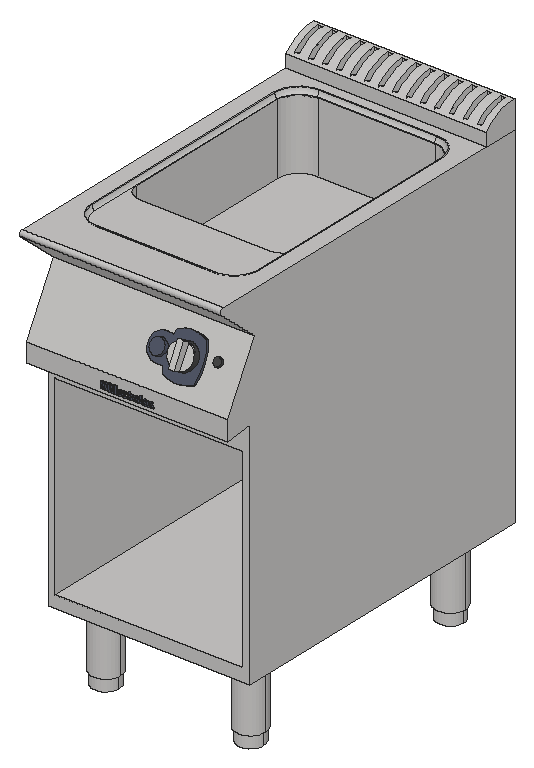
Revit family "QF_ELECTROLUXPROFESSIONAL_371105_E7MFGDDD00", category Specialty Equipment, Revit 2018
Family settings
  Round Connector Dimension = Use Diameter
  Part Type = Normal
  Work Plane-Based = No
  Always vertical = Yes
  Cut with Voids When Loaded = No
  Shared = No
  Room Calculation Point = No
Parameters
  Width = 400 mm  # constant formula
  Weight in Pounds = 99  # constant formula
  Watts = 0 W
  Waste Water Discharge Temperature [instance] = -459.67 °F
  URL Cutsheet = "www.electrolux.com/foodservice"
  URL = "www.electrolux.com/foodservice"
  Type Mark [instance] = ""
  Status [instance] = ""
  Specification by User [instance] = ""
  Specification by Manufacturer = ""
  Show Logo [instance] = yes
  Show Clearance [instance] = yes
  Serial Number = ""
  Seismic Rating = ""
  SMACNA No = ""
  Revision Code [instance] = ""
  Plumbing Remarks [instance] = ""
  Plumbing Connection Type [instance] = ""
  Omniclass Number and Title = ""
  NAFEM Spec ID Number = ""
  Model = "371105"
  Mechanical Remarks [instance] = ""
  Mechanical Connection Type [instance] = ""
  Masterspec = ""
  Manufacturer = "ELECTROLUX"
  Item Number [instance] = ""
  Installed By [instance] = ""
  Indirect Waste Size = 0"
  Indirect Waste Flow [instance] = 0 GPM
  Indirect Waste Connection Type [instance] = ""
  Indirect Waste Connection Height = 0 mm
  Identify Quantity as Lot [instance] = yes
  Height = 333 mm  # constant formula
  HP = "0 HP"
  Gas Size = 12.7 mm  # 1/2"
  Gas RI Height [instance] = 0 mm
  Gas KW [instance] = 7  # constant formula
  Gas Input [instance] = 6993.55 VA  # 23863.0 Btu/h
  Gas Connection Height = 0 mm
  Furnished By [instance] = ""
  Foodservice Equipment Identifier [instance] = yes
  Direct Waste Size = 0"
  Description = "700XP Gas Multifunctional Cooker 11 Lt. - with Compound Bottom"
  Depth = 730 mm  # constant formula
  CSI MasterFormat = ""
  CSI Master Format = ""
  Base Height [instance] = 150 mm  # constant formula
Reference planes
  plane 1 "BACK": y = 0
  plane 2: z = 0
  plane 3 "LEFT": x = 0
  plane 4 "RIGHT": x = 400
  plane 5 "FRONT": y = -730
  plane 6 "TOP": z = 905.238
  plane 7 "Center Y": x = 200
  plane 8 "Center X": y = -365
  plane 9 "BASE": z = 601
  plane 10 "TOP A": z = 851
  plane 11: y = -587.387
  plane 12: y = -90
  plane 13: z = 150
Forms (mm)
  Extrusion 1, solid, material "QF_Finishes_Stainless Steel"
    sketch origin (0, 0, 0) x (0, 1, 0) y (0, 0, 1)
      loop
        line (0, 851) -> (-725.027, 851)
        arc (-725.027, 851) -> (-730.893, 847.08) -> (-729.517, 840.16) r 6.35
        line (-729.517, 840.16) -> (-646.919, 767.809) -> (-713.522, 646.19) -> (-713.522, 608.09) -> (-660.15, 613.7) -> (-660.15, 150) -> (0, 150) -> (0, 851)
    from 0 to 400
  Extrusion 2, void
    sketch origin (0, 0, 851) x (-1, 0, 0) y (0, -1, 0)
      loop
        arc (-83.338, 90.124) -> (-47.982, 104.769) -> (-33.338, 140.124) r 50
        line (-33.338, 140.124) -> (-33.338, 595.265)
        arc (-33.338, 595.265) -> (-47.982, 630.62) -> (-83.338, 645.265) r 50
        line (-83.338, 645.265) -> (-316.662, 645.265)
        arc (-316.662, 645.265) -> (-352.018, 630.62) -> (-366.662, 595.265) r 50
        line (-366.662, 595.265) -> (-366.662, 140.124)
        arc (-366.662, 140.124) -> (-352.018, 104.769) -> (-316.662, 90.124) r 50
        line (-316.662, 90.124) -> (-83.338, 90.124)
    from 0 to -152.4
  Extrusion 3, solid, material "QF_Finishes_Clearance", visible <- "Show Clearance", detail levels coarse
    sketch origin (0, 0, 0) x (1, 0, 0) y (0, 1, 0)
      loop
        line (0, -731.377) -> (0, 0) -> (400, 0) -> (400, -731.377) -> (550.019, -731.377) -> (550.019, 150.019) -> (-150.019, 150.019) -> (-150.019, -731.377) -> (0, -731.377)
    from 0 to 905.237
  Revolve 4, solid, material "QF_Finishes_Stainless Steel"
    sketch origin (0, -587.387, 608.09) x (0, 0, 1) y (-1, 0, 0)
      loop
        line (-608.09, -56) -> (-458.09, -56) -> (-458.09, -26) -> (-583.09, -26) -> (-583.09, -29.75) -> (-608.09, -29.75) -> (-608.09, -56)
      axis (-608.09, -56) -> (-458.09, -56)
    angle from 0 to 360
  Revolve 5, solid, material "QF_Finishes_Stainless Steel"
    sketch origin (400.05, -587.387, 608.09) x (0, 0, 1) y (-1, 0, 0)
      loop
        line (-608.09, 56.05) -> (-608.09, 29.8) -> (-583.09, 29.8) -> (-583.09, 26.05) -> (-458.09, 26.05) -> (-458.09, 56.05) -> (-608.09, 56.05)
      axis (-608.09, 56.05) -> (-458.09, 56.05)
    angle from 0 to 360
  Revolve 6, solid, material "QF_Finishes_Stainless Steel"
    sketch origin (0, -90, 608.09) x (0, 0, 1) y (-1, 0, 0)
      loop
        line (-608.09, -56) -> (-458.09, -56) -> (-458.09, -26) -> (-583.09, -26) -> (-583.09, -29.75) -> (-608.09, -29.75) -> (-608.09, -56)
      axis (-608.09, -56) -> (-458.09, -56)
    angle from 0 to 360
  Revolve 7, solid, material "QF_Finishes_Stainless Steel"
    sketch origin (400.05, -90, 608.09) x (0, 0, 1) y (-1, 0, 0)
      loop
        line (-608.09, 56.05) -> (-608.09, 29.8) -> (-583.09, 29.8) -> (-583.09, 26.05) -> (-458.09, 26.05) -> (-458.09, 56.05) -> (-608.09, 56.05)
      axis (-608.09, 56.05) -> (-458.09, 56.05)
    angle from 0 to 360
  Extrusion 8, solid, material "QF_Finishes_Stainless Steel"
    sketch origin (-77.88, -4572, 601) x (-1, 0, 0) y (0, -1, 0)
      loop
        circle (-211.88, -4016) r 12.7
    from 0 to -12.7
  Extrusion 9, solid, material "QF_Finishes_Stainless Steel"
    sketch origin (-77.88, -4572, 851) x (-1, 0, 0) y (0, -1, 0)
      loop
        line (-111.217, -4431.876) -> (-111.217, -3976.735)
        arc (-111.217, -3976.735) -> (-125.862, -3941.38) -> (-161.217, -3926.735) r 50
        line (-161.217, -3926.735) -> (-394.542, -3926.735)
        arc (-394.542, -3926.735) -> (-429.897, -3941.38) -> (-444.542, -3976.735) r 50
        line (-444.542, -3976.735) -> (-444.542, -4431.876)
        arc (-444.542, -4431.876) -> (-429.897, -4467.231) -> (-394.542, -4481.876) r 50
        line (-394.542, -4481.876) -> (-161.217, -4481.876)
        arc (-161.217, -4481.876) -> (-125.862, -4467.231) -> (-111.217, -4431.876) r 50
      loop
        arc (-439.487, -4431.876) -> (-426.323, -4463.657) -> (-394.542, -4476.821) r 44.945
        line (-394.542, -4476.821) -> (-161.217, -4476.821)
        arc (-161.217, -4476.821) -> (-129.436, -4463.657) -> (-116.272, -4431.876) r 44.945
        line (-116.272, -4431.876) -> (-116.272, -4081.735)
        arc (-116.272, -4081.735) -> (-125.059, -4060.522) -> (-146.272, -4051.735) r 30
        line (-146.272, -4051.735) -> (-409.487, -4051.735)
        arc (-409.487, -4051.735) -> (-430.7, -4060.522) -> (-439.487, -4081.735) r 30
        line (-439.487, -4081.735) -> (-439.487, -4431.876)
    from -12.7 to -152.4
  Sweep 10, solid, material "QF_Finishes_Stainless Steel"
    path origin (0, 0, 851) x (-1, 0, 0) y (0, -1, 0)
      loop
        line (-33.338, 140.124) -> (-33.338, 595.265)
        arc (-33.338, 595.265) -> (-47.982, 630.62) -> (-83.338, 645.265) r 50
        line (-83.338, 645.265) -> (-316.662, 645.265)
        arc (-316.662, 645.265) -> (-352.018, 630.62) -> (-366.662, 595.265) r 50
        line (-366.662, 595.265) -> (-366.662, 140.124)
        arc (-366.662, 140.124) -> (-352.018, 104.769) -> (-316.662, 90.124) r 50
        line (-316.662, 90.124) -> (-83.338, 90.124)
        arc (-83.338, 90.124) -> (-47.982, 104.769) -> (-33.338, 140.124) r 50
    profile origin (33.338, -367.694, 851) x (1, 0, 0) y (0, 0, 1)
      loop
        line (0, 0) -> (0, -10.84) -> (5.055, -10.84)
        arc (5.055, -10.84) -> (1.326, -5.98) -> (0, 0) r 14.151
  Extrusion 11, solid, material "QF_Finishes_Stainless Steel"
    sketch origin (0, 0, 0.762) x (0, 1, 0) y (0, 0, 1)
      loop
        line (0, 850.238) -> (0, 905.237)
        arc (0, 905.237) -> (-38.078, 897.879) -> (-69.85, 875.637) r 93.057
        line (-69.85, 875.637) -> (-69.85, 850.238) -> (0, 850.238)
    from 0 to 400.05
  Extrusion 12, void
    sketch origin (0, 0, 851) x (-1, 0, 0) y (0, -1, 0)
      loop
        line (-13.453, 6.761) -> (-13.453, 63.911) -> (-22.749, 63.911) -> (-22.749, 6.761) -> (-13.453, 6.761)
    from 25.4 to 63.5
  Extrusion 13, void
    sketch origin (400.05, 0, 851) x (1, 0, 0) y (0, 1, 0)
      loop
        line (-13.503, -6.761) -> (-22.799, -6.761) -> (-22.799, -63.911) -> (-13.503, -63.911) -> (-13.503, -6.761)
    from 25.4 to 63.5
  Extrusion 14, void
    sketch origin (27.988, 0, 851) x (-1, 0, 0) y (0, -1, 0)
      loop
        line (-13.453, 6.761) -> (-13.453, 63.911) -> (-22.749, 63.911) -> (-22.749, 6.761) -> (-13.453, 6.761)
    from 25.4 to 63.5
  Extrusion 15, void
    sketch origin (55.977, 0, 851) x (-1, 0, 0) y (0, -1, 0)
      loop
        line (-13.453, 6.761) -> (-13.453, 63.911) -> (-22.749, 63.911) -> (-22.749, 6.761) -> (-13.453, 6.761)
    from 25.4 to 63.5
  Extrusion 16, void
    sketch origin (83.965, 0, 851) x (-1, 0, 0) y (0, -1, 0)
      loop
        line (-13.428, 6.761) -> (-13.428, 63.911) -> (-22.724, 63.911) -> (-22.724, 6.761) -> (-13.428, 6.761)
    from 25.4 to 63.5
  Extrusion 17, void
    sketch origin (111.953, 0, 851) x (-1, 0, 0) y (0, -1, 0)
      loop
        line (-13.428, 6.761) -> (-13.428, 63.911) -> (-22.724, 63.911) -> (-22.724, 6.761) -> (-13.428, 6.761)
    from 25.4 to 63.5
  Extrusion 18, void
    sketch origin (139.942, 0, 851) x (-1, 0, 0) y (0, -1, 0)
      loop
        line (-13.428, 6.761) -> (-13.428, 63.911) -> (-22.724, 63.911) -> (-22.724, 6.761) -> (-13.428, 6.761)
    from 25.4 to 63.5
  Extrusion 19, void
    sketch origin (167.93, 0, 851) x (-1, 0, 0) y (0, -1, 0)
      loop
        line (-13.428, 6.761) -> (-13.428, 63.911) -> (-22.724, 63.911) -> (-22.724, 6.761) -> (-13.428, 6.761)
    from 25.4 to 63.5
  Extrusion 20, void
    sketch origin (195.918, 0, 851) x (-1, 0, 0) y (0, -1, 0)
      loop
        line (-13.428, 6.761) -> (-13.428, 63.911) -> (-22.724, 63.911) -> (-22.724, 6.761) -> (-13.428, 6.761)
    from 25.4 to 63.5
  Extrusion 21, void
    sketch origin (223.907, 0, 851) x (-1, 0, 0) y (0, -1, 0)
      loop
        line (-13.428, 6.761) -> (-13.428, 63.911) -> (-22.724, 63.911) -> (-22.724, 6.761) -> (-13.428, 6.761)
    from 25.4 to 63.5
  Extrusion 22, void
    sketch origin (251.895, 0, 851) x (-1, 0, 0) y (0, -1, 0)
      loop
        line (-13.428, 6.761) -> (-13.428, 63.911) -> (-22.724, 63.911) -> (-22.724, 6.761) -> (-13.428, 6.761)
    from 25.4 to 63.5
  Extrusion 23, void
    sketch origin (279.884, 0, 851) x (-1, 0, 0) y (0, -1, 0)
      loop
        line (-13.403, 6.761) -> (-13.403, 63.911) -> (-22.699, 63.911) -> (-22.699, 6.761) -> (-13.403, 6.761)
    from 25.4 to 63.5
  Extrusion 24, void
    sketch origin (307.872, 0, 851) x (-1, 0, 0) y (0, -1, 0)
      loop
        line (-13.403, 6.761) -> (-13.403, 63.911) -> (-22.699, 63.911) -> (-22.699, 6.761) -> (-13.403, 6.761)
    from 25.4 to 63.5
  Extrusion 25, void
    sketch origin (335.86, 0, 851) x (-1, 0, 0) y (0, -1, 0)
      loop
        line (-13.403, 6.761) -> (-13.403, 63.911) -> (-22.699, 63.911) -> (-22.699, 6.761) -> (-13.403, 6.761)
    from 25.4 to 63.5
  Extrusion 26, void
    sketch origin (0, -660.15, 150) x (0, 0, -1) y (-1, 0, 0)
      loop
        line (-25.4, -387.3) -> (-25.4, -12.7) -> (-412.9, -12.7) -> (-412.9, -387.3) -> (-25.4, -387.3)
    from 0 to 570.276
  Extrusion 27, solid, material "QF_Finishes_Black"
    sketch origin (257.175, -728.984, 618.69) x (0, 0.484042, 0.875045) y (-1, 0, 0)
      loop
        circle (110.564, -93.816) r 8
    from 0 to 3.175
  Extrusion 28, solid, material "QF_Finishes_Stainless Steel"
    sketch origin (-77.88, -4572, 150) x (-1, 0, 0) y (0, -1, 0)
      loop
        circle (-426.88, -4067) r 6.35
    from 0 to -12.7
  Sweep 29, solid, material "QF_Finishes_Stainless Steel"
    path origin (0, -660.15, 150) x (0, 0, 1) y (-1, 0, 0)
      loop
        line (25.4, -349) -> (60, -349) -> (156.126, -376.564) -> (412.9, -376.564)
    profile origin (349, -660.15, 192.7) x (-1, 0, 0) y (0, -1, 0)
      loop
        circle (0, -155.4) r 8
  Extrusion 30, solid, material "QF_Finishes_Navy Blue"
    sketch origin (129.675, -713.772, 646.19) x (0, 0.484042, 0.875045) y (-1, 0, 0)
      loop
        arc (105.947, -132.642) -> (100.966, -130.434) -> (95.863, -128.526) r 91.844
        line (95.863, -128.526) -> (95.863, -113.238)
        arc (95.863, -113.238) -> (69.246, -86.621) -> (42.629, -113.238) r 26.617
        line (42.629, -113.238) -> (42.629, -126.715)
        arc (42.629, -126.715) -> (36.919, -128.436) -> (31.333, -130.523) r 91.844
        arc (31.333, -130.523) -> (24.206, -161.165) -> (31.333, -191.808) r 69.441
        arc (31.333, -191.808) -> (68.854, -198.519) -> (105.947, -189.74) r 93.759
        arc (105.947, -189.74) -> (112.176, -161.191) -> (105.947, -132.642) r 68.543
    from 0 to 3.175
  Extrusion 31, solid, material "QF_Finishes_Stainless Steel"
    sketch origin (129.675, -716.55, 647.727) x (0, 0.484042, 0.875045) y (-1, 0, 0)
      loop
        circle (68.826, -160.963) r 25.4
    from 0 to 12.7
  Extrusion 32, solid, material "QF_Finishes_Stainless Steel"
    sketch origin (129.675, -727.663, 653.875) x (0, 0.484042, 0.875045) y (-1, 0, 0)
      loop
        arc (93.558, -166.749) -> (94.226, -160.963) -> (93.558, -155.177) r 25.4
        line (93.558, -155.177) -> (44.094, -155.177)
        arc (44.094, -155.177) -> (43.426, -160.963) -> (44.094, -166.749) r 25.4
        line (44.094, -166.749) -> (93.558, -166.749)
    from 0 to 12.7
  Extrusion 33, solid, material "QF_Finishes_Navy Blue"
    sketch origin (84.675, -716.55, 647.727) x (0, 0.484042, 0.875045) y (-1, 0, 0)
      loop
        circle (68.826, -154.713) r 15
    from 0 to 6.4
  Extrusion 34, solid, material "QF_Finishes_Navy Blue", visible <- "Show Logo"
    sketch origin (-140, -713.772, 608.09) x (0, 0, 1) y (-1, 0, 0)
      loop
        line (20.674, -296.698) -> (8.307, -296.698)
        arc (8.307, -296.698) -> (14.491, -301.27) -> (20.674, -296.698) r 6.467
      loop
        arc (20.674, -296.069) -> (19.505, -290.926) -> (14.849, -288.448) r 6.338
        line (14.849, -288.448) -> (14.849, -290.494)
        arc (14.849, -290.494) -> (16.333, -294.149) -> (19.778, -296.069) r 5.941
        line (19.778, -296.069) -> (20.674, -296.069)
      loop
        arc (9.203, -296.069) -> (12.648, -294.149) -> (14.132, -290.494) r 5.941
        line (14.132, -290.494) -> (14.132, -288.448)
        arc (14.132, -288.448) -> (9.438, -290.922) -> (8.148, -296.069) r 6.504
        line (8.148, -296.069) -> (9.203, -296.069)
      loop
        line (21.349, -287.979) -> (7.604, -287.979) -> (7.604, -301.742) -> (21.349, -301.742) -> (21.349, -287.979)
      loop
        arc (21.432, -304.71) -> (21.085, -304.352) -> (20.718, -304.69) r 0.358
        arc (20.718, -304.69) -> (20.404, -305.44) -> (19.687, -305.825) r 1.216
        line (19.687, -305.825) -> (9.274, -305.825)
        arc (9.274, -305.825) -> (8.614, -305.548) -> (8.218, -304.951) r 1.238
        arc (8.218, -304.951) -> (7.823, -304.7) -> (7.518, -305.054) r 0.358
        line (7.518, -305.054) -> (7.518, -314.933) -> (10.269, -314.933) -> (10.269, -314.036)
        arc (10.269, -314.036) -> (9.36, -313.456) -> (8.904, -312.479) r 1.928
        line (8.904, -312.479) -> (8.904, -309.98)
        arc (8.904, -309.98) -> (9.18, -309.251) -> (9.868, -308.887) r 1.101
        line (9.868, -308.887) -> (13.955, -308.887) -> (13.955, -312.561)
        arc (13.955, -312.561) -> (13.602, -313.058) -> (13.037, -313.286) r 1.083
        arc (13.037, -313.286) -> (12.773, -313.591) -> (13.065, -313.869) r 0.292
        line (13.065, -313.869) -> (16.028, -313.869)
        arc (16.028, -313.869) -> (16.33, -313.596) -> (16.092, -313.266) r 0.305
        arc (16.092, -313.266) -> (15.601, -313.018) -> (15.296, -312.561) r 1.083
        line (15.296, -312.561) -> (15.296, -308.887) -> (19.973, -308.887) -> (19.973, -312.635)
        arc (19.973, -312.635) -> (19.759, -313.39) -> (19.153, -313.888) r 1.314
        arc (19.153, -313.888) -> (18.934, -314.292) -> (19.288, -314.585) r 0.361
        line (19.288, -314.585) -> (21.432, -314.585) -> (21.432, -304.71)
      loop
        arc (20.715, -315.365) -> (20.335, -316.284) -> (19.416, -316.664) r 1.299
        line (19.416, -316.664) -> (9.837, -316.664)
        arc (9.837, -316.664) -> (8.999, -316.286) -> (8.728, -315.408) r 1.118
        line (8.728, -315.408) -> (7.518, -315.408) -> (7.518, -320.758) -> (8.706, -320.758)
        arc (8.706, -320.758) -> (8.978, -319.841) -> (9.848, -319.445) r 1.153
        line (9.848, -319.445) -> (21.92, -319.445) -> (20.715, -315.365)
      loop
        line (12.483, -323.394) -> (12.483, -329.842) -> (13.282, -329.842)
        arc (13.282, -329.842) -> (15.862, -328.857) -> (17.131, -326.404) r 3.874
        line (17.131, -326.404) -> (17.131, -324.643)
        arc (17.131, -324.643) -> (15.944, -321.778) -> (13.08, -320.592) r 4.051
        line (13.08, -320.592) -> (11.072, -320.592)
        arc (11.072, -320.592) -> (8.253, -322.077) -> (7.202, -325.084) r 4.352
        arc (7.202, -325.084) -> (7.566, -327.547) -> (8.943, -329.621) r 5.713
        line (8.943, -329.621) -> (9.892, -329.621)
        arc (9.892, -329.621) -> (9.16, -328.052) -> (8.943, -326.334) r 5.579
        arc (8.943, -326.334) -> (9.737, -324.371) -> (11.616, -323.394) r 3.057
        line (11.616, -323.394) -> (12.483, -323.394)
      loop
        line (13.742, -323.394) -> (13.742, -326.977)
        arc (13.742, -326.977) -> (15.199, -327.024) -> (16.082, -325.864) r 1.59
        line (16.082, -325.864) -> (16.082, -325.034)
        arc (16.082, -325.034) -> (15.217, -323.779) -> (13.742, -323.394) r 2.184
      loop
        arc (16.533, -339.259) -> (17.022, -337.585) -> (17.179, -335.848) r 9.023
        line (17.179, -335.848) -> (17.179, -334.486)
        arc (17.179, -334.486) -> (16.02, -331.686) -> (13.22, -330.527) r 3.959
        line (13.22, -330.527) -> (10.62, -330.527)
        arc (10.62, -330.527) -> (8.338, -331.819) -> (7.221, -334.192) r 4.331
        line (7.221, -334.192) -> (7.221, -336.327)
        arc (7.221, -336.327) -> (7.729, -337.877) -> (8.651, -339.223) r 5.772
        arc (8.651, -339.223) -> (9.412, -339.274) -> (9.499, -338.515) r 0.553
        arc (9.499, -338.515) -> (9.111, -337.781) -> (8.977, -336.962) r 2.573
        line (8.977, -336.962) -> (8.977, -335.447)
        arc (8.977, -335.447) -> (9.983, -333.806) -> (11.798, -333.163) r 2.884
        line (11.798, -333.163) -> (13.077, -333.163)
        arc (13.077, -333.163) -> (14.898, -333.723) -> (15.824, -335.388) r 2.554
        line (15.824, -335.388) -> (15.824, -336.441)
        arc (15.824, -336.441) -> (15.493, -337.369) -> (14.836, -338.104) r 2.564
        arc (14.836, -338.104) -> (14.614, -338.821) -> (15.223, -339.259) r 0.643
        line (15.223, -339.259) -> (16.533, -339.259)
      loop
        line (15.515, -339.53) -> (15.515, -341.031) -> (9.467, -341.031)
        arc (9.467, -341.031) -> (7.879, -341.688) -> (7.221, -343.276) r 2.246
        line (7.221, -343.276) -> (7.221, -344.86)
        arc (7.221, -344.86) -> (7.535, -345.725) -> (8.035, -346.496) r 4.06
        arc (8.035, -346.496) -> (8.768, -346.629) -> (9.019, -345.928) r 0.576
        arc (9.019, -345.928) -> (8.913, -345.403) -> (8.977, -344.87) r 1.69
        arc (8.977, -344.87) -> (9.519, -344.082) -> (10.425, -343.779) r 1.506
        line (10.425, -343.779) -> (15.563, -343.779) -> (15.563, -346.176) -> (16.119, -346.733) -> (16.941, -346.733) -> (16.941, -343.873) -> (20.172, -343.873) -> (15.515, -339.53)
      loop
        line (7.438, -347.63) -> (7.438, -353.017) -> (8.548, -353.017)
        arc (8.548, -353.017) -> (8.942, -352.066) -> (9.893, -351.672) r 1.345
        line (9.893, -351.672) -> (13.509, -351.672)
        arc (13.509, -351.672) -> (14.274, -352.264) -> (14.564, -353.186) r 1.615
        line (14.564, -353.186) -> (14.564, -354.742) -> (17.119, -355.427) -> (17.119, -354.044) -> (15.177, -351.485) -> (17.057, -351.485) -> (16.773, -348.779)
        arc (16.773, -348.779) -> (16.333, -348.249) -> (15.674, -348.45) r 0.621
        arc (15.674, -348.45) -> (15.274, -348.792) -> (14.78, -348.975) r 1.501
        line (14.78, -348.975) -> (9.893, -348.975)
        arc (9.893, -348.975) -> (8.942, -348.581) -> (8.548, -347.63) r 1.345
        line (8.548, -347.63) -> (7.438, -347.63)
      loop
        line (13.54, -354.964) -> (10.848, -354.964)
        arc (10.848, -354.964) -> (8.403, -356.272) -> (7.269, -358.803) r 4.288
        arc (7.269, -358.803) -> (7.205, -360.183) -> (7.269, -361.563) r 15.022
        arc (7.269, -361.563) -> (8.403, -364.094) -> (10.848, -365.401) r 4.288
        line (10.848, -365.401) -> (13.54, -365.401)
        arc (13.54, -365.401) -> (15.986, -364.094) -> (17.119, -361.563) r 4.288
        arc (17.119, -361.563) -> (17.183, -360.183) -> (17.119, -358.803) r 15.022
        arc (17.119, -358.803) -> (15.986, -356.272) -> (13.54, -354.964) r 4.288
      loop
        line (13.745, -358.078) -> (10.643, -358.078)
        arc (10.643, -358.078) -> (8.486, -360.235) -> (10.643, -362.392) r 2.157
        line (10.643, -362.392) -> (13.745, -362.392)
        arc (13.745, -362.392) -> (15.902, -360.235) -> (13.745, -358.078) r 2.157
      loop
        arc (20.726, -365.26) -> (20.355, -366.154) -> (19.461, -366.524) r 1.264
        line (19.461, -366.524) -> (9.597, -366.524)
        arc (9.597, -366.524) -> (8.727, -366.127) -> (8.455, -365.211) r 1.153
        line (8.455, -365.211) -> (7.518, -365.211) -> (7.518, -370.319) -> (8.446, -370.319)
        arc (8.446, -370.319) -> (8.805, -369.547) -> (9.597, -369.232) r 1.153
        line (9.597, -369.232) -> (21.92, -369.232) -> (20.726, -365.26)
      loop
        arc (15.846, -369.857) -> (15.647, -370.921) -> (14.678, -371.403) r 1.215
        line (14.678, -371.403) -> (9.658, -371.403)
        arc (9.658, -371.403) -> (8.043, -372.051) -> (7.322, -373.634) r 2.338
        line (7.322, -373.634) -> (7.322, -375.148)
        arc (7.322, -375.148) -> (7.497, -376.152) -> (7.999, -377.038) r 2.979
        line (7.999, -377.038) -> (7.518, -378.835) -> (7.518, -380.524) -> (16.943, -380.524) -> (16.649, -376.32) -> (15.863, -376.32)
        arc (15.863, -376.32) -> (15.507, -377.156) -> (14.755, -377.665) r 1.605
        line (14.755, -377.665) -> (9.652, -377.665)
        arc (9.652, -377.665) -> (9.232, -376.728) -> (9.159, -375.704) r 2.94
        arc (9.159, -375.704) -> (9.72, -374.603) -> (10.873, -374.16) r 1.724
        line (10.873, -374.16) -> (17.07, -374.16) -> (15.846, -369.857)
      loop
        line (16.874, -381.377) -> (15.202, -383.423) -> (12.028, -385.729) -> (8.572, -382.617)
        arc (8.572, -382.617) -> (8.335, -382.223) -> (8.357, -381.764) r 0.789
        line (8.357, -381.764) -> (7.518, -381.764) -> (7.518, -385.309) -> (8.344, -385.309)
        arc (8.344, -385.309) -> (8.686, -384.947) -> (9.176, -385.039) r 0.52
        line (9.176, -385.039) -> (10.976, -386.51) -> (8.858, -387.886)
        arc (8.858, -387.886) -> (8.457, -387.576) -> (8.37, -387.076) r 0.7
        line (8.37, -387.076) -> (7.518, -387.076) -> (7.518, -393.003) -> (8.405, -393.003)
        arc (8.405, -393.003) -> (8.472, -392.344) -> (8.866, -391.813) r 1.247
        line (8.866, -391.813) -> (13.066, -388.532) -> (15.513, -390.585) -> (16.874, -392.327) -> (16.874, -388.604) -> (15.389, -389.026) -> (13.868, -387.749) -> (15.568, -386.559) -> (16.874, -387.336) -> (16.874, -381.377)
    from 0 to 1.644
Cuts and joins
  Extrusion 2, Extrusion 26 cuts Extrusion 1
  Extrusion 12, Extrusion 13, Extrusion 14, Extrusion 15, Extrusion 16, Extrusion 17, Extrusion 18, Extrusion 19, Extrusion 20, Extrusion 21, Extrusion 22, Extrusion 23, Extrusion 24, Extrusion 25, Extrusion 26 cuts Extrusion 3
  Extrusion 12, Extrusion 13, Extrusion 14, Extrusion 15, Extrusion 16, Extrusion 17, Extrusion 18, Extrusion 19, Extrusion 20, Extrusion 21, Extrusion 22, Extrusion 23, Extrusion 24, Extrusion 25 cuts Extrusion 11
Lines and regions (mm)
  symbolic lines, style "QF-Clearances", visible <- "Show Clearance", detail levels coarse
    curve 1: line (-150.019, 150.019, 851) -> (-150.019, -731.377, 851)
    curve 2: line (550.019, 150.019, 851) -> (-150.019, 150.019, 851)
    curve 3: line (550.019, -731.377, 851) -> (550.019, 150.019, 851)
  symbolic lines
    curve 4: line (0, 0, 851) -> (400, 0, 851)
    curve 5: line (0, -730, 851) -> (0, 0, 851)
    curve 6: line (400, 0, 851) -> (400, -730, 851)
    curve 7: line (0, -69.85, 851) -> (0, -63.012, 851)
    curve 8: line (400, -730, 851) -> (0, -730, 851)
    curve 9: arc (361.608, -490.265, 851) -> (352.821, -511.478, 851) -> (331.608, -520.265, 851) r 30
    curve 10: arc (68.392, -520.265, 851) -> (47.179, -511.478, 851) -> (38.392, -490.265, 851) r 30
    curve 11: arc (83.313, -95.179, 851) -> (51.549, -108.336, 851) -> (38.392, -140.099, 851) r 44.92
    curve 12: line (38.392, -140.099, 851) -> (38.392, -595.265, 851)
    curve 13: arc (38.392, -595.265, 851) -> (51.556, -627.046, 851) -> (83.338, -640.21, 851) r 44.945
    curve 14: arc (316.663, -640.21, 851) -> (348.444, -627.046, 851) -> (361.608, -595.265, 851) r 44.945
    curve 15: line (361.608, -595.265, 851) -> (361.608, -140.124, 851)
    curve 16: arc (361.608, -140.124, 851) -> (348.444, -108.343, 851) -> (316.663, -95.179, 851) r 44.945
    curve 17: arc (83.313, -90.124, 851) -> (47.975, -104.761, 851) -> (33.338, -140.099, 851) r 49.975
    curve 18: line (33.338, -140.099, 851) -> (33.338, -595.265, 851)
    curve 19: arc (33.338, -595.265, 851) -> (47.982, -630.62, 851) -> (83.338, -645.265, 851) r 50
    curve 20: arc (316.663, -645.265, 851) -> (352.018, -630.62, 851) -> (366.663, -595.265, 851) r 50
    curve 21: line (366.663, -595.265, 851) -> (366.663, -140.124, 851)
    curve 22: arc (366.663, -140.124, 851) -> (352.018, -104.769, 851) -> (316.663, -90.124, 851) r 50
    curve 23: line (316.663, -90.124, 851) -> (79.418, -90.124, 851)
    curve 24: line (83.338, -645.265, 851) -> (316.663, -645.265, 851)
    curve 25: line (83.338, -640.21, 851) -> (316.663, -640.21, 851)
    curve 26: line (331.608, -520.265, 851) -> (68.392, -520.265, 851)
    curve 27: line (316.663, -95.179, 851) -> (83.313, -95.179, 851)
    curve 28: line (0, -69.85, 851) -> (400, -69.85, 851)
    curve 29: line (22.724, -6.761, 851) -> (22.724, -63.911, 851)
    curve 30: line (22.724, -63.911, 851) -> (13.428, -63.911, 851)
    curve 31: line (13.428, -63.911, 851) -> (13.428, -6.761, 851)
    curve 32: line (13.428, -6.761, 851) -> (22.724, -6.761, 851)
    curve 33: line (386.547, -6.761, 851) -> (386.547, -63.911, 851)
    curve 34: line (386.547, -63.911, 851) -> (377.251, -63.911, 851)
    curve 35: line (377.251, -63.911, 851) -> (377.251, -6.761, 851)
    curve 36: line (377.251, -6.761, 851) -> (386.547, -6.761, 851)
    curve 37: line (50.712, -6.761, 851) -> (50.712, -63.911, 851)
    curve 38: line (50.712, -63.911, 851) -> (41.416, -63.911, 851)
    curve 39: line (41.416, -63.911, 851) -> (41.416, -6.761, 851)
    curve 40: line (41.416, -6.761, 851) -> (50.712, -6.761, 851)
    curve 41: line (78.7, -6.761, 851) -> (78.7, -63.911, 851)
    curve 42: line (78.7, -63.911, 851) -> (69.405, -63.911, 851)
    curve 43: line (69.405, -63.911, 851) -> (69.405, -6.761, 851)
    curve 44: line (69.405, -6.761, 851) -> (78.7, -6.761, 851)
    curve 45: line (106.689, -6.761, 851) -> (106.689, -63.911, 851)
    curve 46: line (106.689, -63.911, 851) -> (97.393, -63.911, 851)
    curve 47: line (97.393, -63.911, 851) -> (97.393, -6.761, 851)
    curve 48: line (97.393, -6.761, 851) -> (106.689, -6.761, 851)
    curve 49: line (134.677, -6.761, 851) -> (134.677, -63.911, 851)
    curve 50: line (134.677, -63.911, 851) -> (125.381, -63.911, 851)
    curve 51: line (125.381, -63.911, 851) -> (125.381, -6.761, 851)
    curve 52: line (125.381, -6.761, 851) -> (134.677, -6.761, 851)
    curve 53: line (162.665, -6.761, 851) -> (162.665, -63.911, 851)
    curve 54: line (162.665, -63.911, 851) -> (153.37, -63.911, 851)
    curve 55: line (153.37, -63.911, 851) -> (153.37, -6.761, 851)
    curve 56: line (153.37, -6.761, 851) -> (162.665, -6.761, 851)
    curve 57: line (190.654, -6.761, 851) -> (190.654, -63.911, 851)
    curve 58: line (190.654, -63.911, 851) -> (181.358, -63.911, 851)
    curve 59: line (181.358, -63.911, 851) -> (181.358, -6.761, 851)
    curve 60: line (181.358, -6.761, 851) -> (190.654, -6.761, 851)
    curve 61: line (218.642, -6.761, 851) -> (218.642, -63.911, 851)
    curve 62: line (218.642, -63.911, 851) -> (209.346, -63.911, 851)
    curve 63: line (209.346, -63.911, 851) -> (209.346, -6.761, 851)
    curve 64: line (209.346, -6.761, 851) -> (218.642, -6.761, 851)
    curve 65: line (246.605, -6.761, 851) -> (246.605, -63.911, 851)
    curve 66: line (246.605, -63.911, 851) -> (237.31, -63.911, 851)
    curve 67: line (237.31, -63.911, 851) -> (237.31, -6.761, 851)
    curve 68: line (237.31, -6.761, 851) -> (246.605, -6.761, 851)
    curve 69: line (274.594, -6.761, 851) -> (274.594, -63.911, 851)
    curve 70: line (274.594, -63.911, 851) -> (265.298, -63.911, 851)
    curve 71: line (265.298, -63.911, 851) -> (265.298, -6.761, 851)
    curve 72: line (265.298, -6.761, 851) -> (274.594, -6.761, 851)
    curve 73: line (302.582, -6.761, 851) -> (302.582, -63.911, 851)
    curve 74: line (302.582, -63.911, 851) -> (293.286, -63.911, 851)
    curve 75: line (293.286, -63.911, 851) -> (293.286, -6.761, 851)
    curve 76: line (293.286, -6.761, 851) -> (302.582, -6.761, 851)
    curve 77: line (330.57, -6.761, 851) -> (330.57, -63.911, 851)
    curve 78: line (330.57, -63.911, 851) -> (321.275, -63.911, 851)
    curve 79: line (321.275, -63.911, 851) -> (321.275, -6.761, 851)
    curve 80: line (321.275, -6.761, 851) -> (330.57, -6.761, 851)
    curve 81: line (358.559, -6.761, 851) -> (358.559, -63.911, 851)
    curve 82: line (358.559, -63.911, 851) -> (349.263, -63.911, 851)
    curve 83: line (349.263, -63.911, 851) -> (349.263, -6.761, 851)
    curve 84: line (349.263, -6.761, 851) -> (358.559, -6.761, 851)
Dimensions and locks
  equal spacing: plane 3 "LEFT", plane 7 "Center Y", plane 4 "RIGHT"
  "Width": plane 3 "LEFT" to plane 4 "RIGHT"
  equal spacing: plane 5 "FRONT", plane 8 "Center X", plane 1 "BACK"
  "Depth": plane 5 "FRONT" to plane 1 "BACK"
  plane 1 "BACK" to plane 5 "FRONT" = 730 mm
  locked: plane 10 "TOP A" to plane 9 "BASE" at 250
  "Base Height": plane 13 to level
  plane 10 "TOP A" to plane 13 = 701 mm
  plane 3 "LEFT" to Extrusion 8 sketch curve = 134 mm
  Extrusion 8 sketch curve to plane 1 "BACK" = 556 mm
  Extrusion 28 sketch curve to plane 4 "RIGHT" = 51 mm
  Extrusion 28 sketch curve to plane 1 "BACK" = 505 mm
  aligned and locked: level to plane 2
  aligned and locked: plane 4 "RIGHT" to Extrusion 1
  aligned and locked: plane 6 "TOP" to Extrusion 3
Automatic sketch dimensions
  Extrusion 1 sketch curve to plane 10 "TOP A" = 0 mm
  Extrusion 1 sketch curve to plane 13 = 0 mm
  Extrusion 1 sketch curve to plane 1 "BACK" = 0 mm
  plane 11 to Extrusion 1 sketch curve = 59.531 mm
  plane 9 "BASE" to Extrusion 1 sketch curve = 12.7 mm
  Extrusion 1 sketch curve to plane 5 "FRONT" = 69.85 mm
  plane 9 "BASE" to Extrusion 1 sketch curve = 7.09 mm
  Extrusion 1 sketch curve to plane 5 "FRONT" = 16.478 mm
  Extrusion 1 sketch curve to plane 5 "FRONT" = 4.973 mm
  Extrusion 1 sketch curve to plane 5 "FRONT" = 0.483 mm
  Extrusion 1 sketch curve to Extrusion 1 sketch curve = 38.1 mm
  Extrusion 1 sketch curve to plane 10 "TOP A" = 83.191 mm
  Extrusion 1 sketch curve to plane 10 "TOP A" = 10.84 mm
  plane 11 to Extrusion 2 sketch curve = 7.877 mm
  Extrusion 2 sketch curve to plane 4 "RIGHT" = 33.337 mm
  plane 11 to Extrusion 2 sketch curve = 57.877 mm
  plane 12 to Extrusion 2 sketch curve = 0.124 mm
  Extrusion 2 sketch curve to Extrusion 2 sketch curve = 50 mm
  plane 3 "LEFT" to Extrusion 2 sketch curve = 83.338 mm  (x2)
  plane 3 "LEFT" to Extrusion 2 sketch curve = 33.338 mm
  plane 1 "BACK" to Extrusion 3 sketch curve = 0 mm
  Extrusion 3 sketch curve to plane 3 "LEFT" = 0 mm
  Extrusion 3 sketch curve to plane 4 "RIGHT" = 0 mm
  Extrusion 3 sketch curve to plane 3 "LEFT" = 150.019 mm
  plane 5 "FRONT" to Extrusion 3 sketch curve = 1.377 mm  (x2)
  plane 4 "RIGHT" to Extrusion 3 sketch curve = 150.019 mm
  Extrusion 3 sketch curve to plane 1 "BACK" = 150.019 mm
  curve 11 to curve 17 = 0 mm  (x2)
  curve 13 to curve 19 = 0 mm  (x2)
  curve 14 to curve 20 = 0 mm  (x2)
  curve 16 to curve 22 = 0 mm  (x2)
  curve 6 to plane 4 "RIGHT" = 0 mm
  curve 28 to plane 3 "LEFT" = 0 mm
  curve 7 to plane 3 "LEFT" = 0 mm
  plane 1 "BACK" to curve 5 = 0 mm
  plane 5 "FRONT" to curve 6 = 0 mm
  plane 4 "RIGHT" to curve 3 = 150.019 mm
  curve 33 to plane 4 "RIGHT" = 13.453 mm
  curve 33 to curve 35 = 9.296 mm
  plane 11 to curve 20 = 7.877 mm
  curve 20 to plane 4 "RIGHT" = 33.337 mm
  curve 22 to curve 16 = 5.055 mm
  plane 1 "BACK" to curve 84 = 6.761 mm
  curve 35 to curve 84 = 18.693 mm
  curve 81 to curve 84 = 9.296 mm
  curve 9 to curve 9 = 30 mm
  curve 82 to curve 78 = 18.693 mm
  curve 77 to curve 78 = 9.296 mm
  plane 11 to curve 14 = 52.822 mm
  curve 15 to curve 16 = 44.945 mm
  curve 78 to curve 73 = 18.693 mm
  curve 73 to curve 76 = 9.296 mm
  plane 1 "BACK" to curve 69 = 6.761 mm
  curve 75 to curve 69 = 18.693 mm
  curve 69 to curve 71 = 9.296 mm
  plane 1 "BACK" to curve 68 = 6.761 mm
  curve 71 to curve 68 = 18.693 mm
  curve 65 to curve 67 = 9.296 mm
  plane 1 "BACK" to curve 61 = 6.761 mm
  plane 7 "Center Y" to curve 61 = 18.642 mm
  curve 61 to curve 63 = 9.296 mm
  curve 60 to plane 7 "Center Y" = 9.346 mm
  curve 57 to curve 59 = 9.296 mm
  plane 1 "BACK" to curve 56 = 6.761 mm
  curve 59 to curve 56 = 18.693 mm
  curve 53 to curve 55 = 9.296 mm
  plane 1 "BACK" to curve 52 = 6.761 mm
  curve 55 to curve 52 = 18.693 mm
  curve 49 to curve 50 = 9.296 mm
  plane 1 "BACK" to curve 48 = 6.761 mm
  curve 51 to curve 48 = 18.693 mm
  curve 45 to curve 47 = 9.296 mm
  plane 3 "LEFT" to curve 25 = 83.338 mm
  plane 12 to curve 17 = 0.124 mm
  curve 46 to curve 17 = 14.08 mm
  curve 17 to curve 23 = 3.895 mm
  curve 46 to curve 42 = 18.693 mm
  curve 41 to curve 43 = 9.296 mm
  plane 3 "LEFT" to curve 10 = 68.392 mm
  curve 42 to curve 37 = 18.693 mm
  curve 37 to curve 39 = 9.296 mm
  curve 10 to curve 10 = 30 mm
  plane 1 "BACK" to curve 29 = 6.761 mm
  curve 39 to curve 29 = 18.693 mm
  curve 29 to curve 30 = 9.296 mm
  plane 5 "FRONT" to curve 1 = 1.377 mm
  curve 1 to plane 3 "LEFT" = 150.019 mm
  curve 2 to plane 1 "BACK" = 150.019 mm
  plane 1 "BACK" to curve 80 = 6.761 mm
  plane 1 "BACK" to curve 76 = 6.761 mm
  plane 1 "BACK" to curve 60 = 6.761 mm
  plane 1 "BACK" to curve 44 = 6.761 mm
  plane 1 "BACK" to curve 40 = 6.761 mm
  plane 1 "BACK" to curve 36 = 6.761 mm
  curve 7 to plane 12 = 26.988 mm
  curve 62 to plane 12 = 26.089 mm
  curve 7 to curve 29 = 0.898 mm
  curve 83 to plane 12 = 26.089 mm
  curve 33 to plane 12 = 26.089 mm
  curve 65 to plane 12 = 26.089 mm
  curve 59 to plane 12 = 26.089 mm
  curve 37 to plane 12 = 26.089 mm
  curve 79 to plane 12 = 26.089 mm
  curve 41 to plane 12 = 26.089 mm
  curve 75 to plane 12 = 26.089 mm
  curve 45 to plane 12 = 26.089 mm
  curve 65 to curve 71 = 0 mm
  curve 49 to plane 12 = 26.089 mm
  curve 53 to curve 58 = 0 mm
  curve 7 to curve 7 = 6.838 mm
  curve 33 to curve 28 = 5.939 mm
  curve 9 to plane 11 = 97.123 mm
  plane 5 "FRONT" to curve 3 = 1.377 mm
  Revolve 4 sketch curve to level = 0 mm
  Revolve 4 sketch curve to plane 13 = 0 mm  (x2)
  level to Revolve 4 sketch curve = 25 mm
  Revolve 4 sketch curve to Revolve 4 sketch curve = 20 mm
  plane 3 "LEFT" to Revolve 4 sketch curve = 56 mm
  Revolve 4 sketch curve to Revolve 4 sketch curve = 0 mm
  plane 3 "LEFT" to Revolve 4 sketch curve = 29.75 mm
  plane 3 "LEFT" to Revolve 4 sketch curve = 26 mm
  Revolve 5 sketch curve to level = 0 mm
  Revolve 5 sketch curve to plane 13 = 0 mm  (x2)
  level to Revolve 5 sketch curve = 25 mm
  Revolve 5 sketch curve to Revolve 5 sketch curve = 20 mm
  Revolve 5 sketch curve to plane 4 "RIGHT" = 26 mm
  Revolve 5 sketch curve to Revolve 5 sketch curve = 3.75 mm
  Revolve 5 sketch curve to Revolve 5 sketch curve = 30 mm
  Revolve 5 sketch curve to Revolve 5 sketch curve = 0 mm
  Revolve 6 sketch curve to level = 0 mm
  Revolve 6 sketch curve to plane 13 = 0 mm  (x2)
  level to Revolve 6 sketch curve = 25 mm
  Revolve 6 sketch curve to Revolve 6 sketch curve = 20 mm
  plane 3 "LEFT" to Revolve 6 sketch curve = 56 mm
  Revolve 6 sketch curve to Revolve 6 sketch curve = 0 mm
  plane 3 "LEFT" to Revolve 6 sketch curve = 29.75 mm
  plane 3 "LEFT" to Revolve 6 sketch curve = 26 mm
  Revolve 7 sketch curve to level = 0 mm
  Revolve 7 sketch curve to plane 13 = 0 mm  (x2)
  level to Revolve 7 sketch curve = 25 mm
  Revolve 7 sketch curve to Revolve 7 sketch curve = 20 mm
  Revolve 7 sketch curve to plane 4 "RIGHT" = 26 mm
  Revolve 7 sketch curve to Revolve 7 sketch curve = 3.75 mm
  Revolve 7 sketch curve to Revolve 7 sketch curve = 30 mm
  Revolve 7 sketch curve to Revolve 7 sketch curve = 0 mm
  Extrusion 9 sketch curve to Extrusion 9 sketch curve = 0 mm  (x4)
  Extrusion 9 sketch curve to plane 4 "RIGHT" = 33.337 mm
  Extrusion 9 sketch curve to plane 4 "RIGHT" = 38.392 mm
  Extrusion 9 sketch curve to Extrusion 9 sketch curve = 30 mm  (x2)
  Extrusion 9 sketch curve to Extrusion 9 sketch curve = 50 mm
  plane 12 to Extrusion 9 sketch curve = 0.124 mm
  Extrusion 9 sketch curve to Extrusion 9 sketch curve = 44.945 mm
  plane 3 "LEFT" to Extrusion 9 sketch curve = 83.338 mm  (x2)
  plane 3 "LEFT" to Extrusion 9 sketch curve = 68.392 mm
  Extrusion 9 sketch curve to plane 11 = 97.123 mm
  plane 11 to Extrusion 9 sketch curve = 7.877 mm
  plane 11 to Sweep 10 sketch curve = 7.877 mm  (x2)
  Sweep 10 sketch curve to plane 4 "RIGHT" = 33.337 mm
  plane 11 to Sweep 10 sketch curve = 57.877 mm
  plane 12 to Sweep 10 sketch curve = 0.124 mm
  Sweep 10 sketch curve to Sweep 10 sketch curve = 50 mm  (x2)
  plane 3 "LEFT" to Sweep 10 sketch curve = 83.338 mm
  profile plane to Sweep 10 sketch curve = 0 mm
  Sweep 10 sketch curve to plane 10 "TOP A" = 0 mm
  Sweep 10 sketch curve to profile plane = 5.055 mm
  Sweep 10 sketch curve to profile plane = 14.151 mm
  Extrusion 11 sketch curve to plane 10 "TOP A" = 0 mm
  Extrusion 11 sketch curve to plane 1 "BACK" = 0 mm
  plane 1 "BACK" to Extrusion 11 sketch curve = 1.769 mm
  Extrusion 11 sketch curve to plane 12 = 20.15 mm
  Extrusion 11 sketch curve to plane 10 "TOP A" = 38.04 mm
  plane 10 "TOP A" to Extrusion 11 sketch curve = 25.4 mm
  plane 1 "BACK" to Extrusion 12 sketch curve = 6.761 mm
  plane 3 "LEFT" to Extrusion 12 sketch curve = 22.749 mm
  Extrusion 12 sketch curve to Extrusion 12 sketch curve = 9.296 mm
  Extrusion 12 sketch curve to plane 12 = 26.089 mm
  Extrusion 13 sketch curve to plane 1 "BACK" = 6.761 mm
  plane 4 "RIGHT" to Extrusion 13 sketch curve = 22.749 mm
  Extrusion 13 sketch curve to Extrusion 13 sketch curve = 9.296 mm
  plane 12 to Extrusion 13 sketch curve = 26.089 mm
  plane 1 "BACK" to Extrusion 14 sketch curve = 6.761 mm
  plane 3 "LEFT" to Extrusion 14 sketch curve = 50.737 mm
  Extrusion 14 sketch curve to Extrusion 14 sketch curve = 9.296 mm
  Extrusion 14 sketch curve to plane 12 = 26.089 mm
  plane 1 "BACK" to Extrusion 15 sketch curve = 6.761 mm
  plane 3 "LEFT" to Extrusion 15 sketch curve = 78.725 mm
  Extrusion 15 sketch curve to Extrusion 15 sketch curve = 9.296 mm
  Extrusion 15 sketch curve to plane 12 = 26.089 mm
  plane 1 "BACK" to Extrusion 16 sketch curve = 6.761 mm
  Extrusion 16 sketch curve to plane 7 "Center Y" = 93.311 mm
  Extrusion 16 sketch curve to Extrusion 16 sketch curve = 9.296 mm
  Extrusion 16 sketch curve to plane 12 = 26.089 mm
  plane 1 "BACK" to Extrusion 17 sketch curve = 6.761 mm
  Extrusion 17 sketch curve to plane 7 "Center Y" = 65.323 mm
  Extrusion 17 sketch curve to Extrusion 17 sketch curve = 9.296 mm
  Extrusion 17 sketch curve to plane 12 = 26.089 mm
  plane 1 "BACK" to Extrusion 18 sketch curve = 6.761 mm
  Extrusion 18 sketch curve to plane 7 "Center Y" = 37.335 mm
  Extrusion 18 sketch curve to Extrusion 18 sketch curve = 9.296 mm
  Extrusion 18 sketch curve to plane 12 = 26.089 mm
  Extrusion 19 sketch curve to plane 7 "Center Y" = 9.346 mm
  Extrusion 19 sketch curve to Extrusion 19 sketch curve = 9.296 mm
  plane 1 "BACK" to Extrusion 19 sketch curve = 6.761 mm
  Extrusion 19 sketch curve to plane 12 = 26.089 mm
  plane 1 "BACK" to Extrusion 20 sketch curve = 6.761 mm
  plane 7 "Center Y" to Extrusion 20 sketch curve = 18.642 mm
  Extrusion 20 sketch curve to Extrusion 20 sketch curve = 9.296 mm
  Extrusion 20 sketch curve to plane 12 = 26.089 mm
  plane 1 "BACK" to Extrusion 21 sketch curve = 6.761 mm
  plane 7 "Center Y" to Extrusion 21 sketch curve = 46.63 mm
  Extrusion 21 sketch curve to Extrusion 21 sketch curve = 9.296 mm
  Extrusion 21 sketch curve to plane 12 = 26.089 mm
  plane 1 "BACK" to Extrusion 22 sketch curve = 6.761 mm
  plane 7 "Center Y" to Extrusion 22 sketch curve = 74.619 mm
  Extrusion 22 sketch curve to Extrusion 22 sketch curve = 9.296 mm
  Extrusion 22 sketch curve to plane 12 = 26.089 mm
  plane 1 "BACK" to Extrusion 23 sketch curve = 6.761 mm
  Extrusion 23 sketch curve to plane 4 "RIGHT" = 97.418 mm
  Extrusion 23 sketch curve to Extrusion 23 sketch curve = 9.296 mm
  Extrusion 23 sketch curve to plane 12 = 26.089 mm
  plane 1 "BACK" to Extrusion 24 sketch curve = 6.761 mm
  Extrusion 24 sketch curve to plane 4 "RIGHT" = 69.43 mm
  Extrusion 24 sketch curve to Extrusion 24 sketch curve = 9.296 mm
  Extrusion 24 sketch curve to plane 12 = 26.089 mm
  plane 1 "BACK" to Extrusion 25 sketch curve = 6.761 mm
  Extrusion 25 sketch curve to plane 4 "RIGHT" = 41.441 mm
  Extrusion 25 sketch curve to Extrusion 25 sketch curve = 9.296 mm
  Extrusion 25 sketch curve to plane 12 = 26.089 mm
  Extrusion 26 sketch curve to Extrusion 1 = 12.7 mm  (x2)
  Extrusion 26 sketch curve to Extrusion 1 = 50.8 mm
  Extrusion 1 to Extrusion 26 sketch curve = 25.4 mm
  plane 7 "Center Y" to Extrusion 27 sketch curve = 150.991 mm
  Sweep 29 sketch curve to Extrusion 1 = 25.4 mm
  Sweep 29 sketch curve to Sweep 29 sketch curve = 34.6 mm
  Extrusion 1 to Sweep 29 sketch curve = 23.436 mm
  Sweep 29 sketch curve to Sweep 29 sketch curve = 96.126 mm
  Extrusion 1 to Sweep 29 sketch curve = 50.8 mm
  Extrusion 1 to Sweep 29 sketch curve = 51 mm
  Sweep 29 sketch curve to profile plane = 0 mm
  profile plane to Sweep 29 sketch curve = 8 mm
  Sweep 29 sketch curve to profile plane = 155.4 mm
  Extrusion 30 sketch curve to Extrusion 30 sketch curve = 0 mm  (x3)
  plane 7 "Center Y" to Extrusion 30 sketch curve = 121.483 mm
  plane 7 "Center Y" to Extrusion 30 sketch curve = 60.198 mm
  Extrusion 30 sketch curve to Extrusion 30 sketch curve = 11.296 mm
  Extrusion 30 sketch curve to Extrusion 30 sketch curve = 12.3 mm  (x2)
  plane 7 "Center Y" to Extrusion 30 sketch curve = 34.471 mm
  Extrusion 30 sketch curve to Extrusion 30 sketch curve = 23.629 mm
  Extrusion 30 sketch curve to Extrusion 30 sketch curve = 34.925 mm
  Extrusion 30 sketch curve to Extrusion 30 sketch curve = 2.988 mm
  Extrusion 30 sketch curve to Extrusion 30 sketch curve = 2.215 mm
  Extrusion 30 sketch curve to Extrusion 30 sketch curve = 10.084 mm
  Extrusion 30 sketch curve to Extrusion 30 sketch curve = 23.66 mm
  Extrusion 30 sketch curve to Extrusion 30 sketch curve = 30.616 mm
  plane 7 "Center Y" to Extrusion 30 sketch curve = 42.913 mm
  Extrusion 31 sketch curve to Extrusion 30 = 26.197 mm
  Extrusion 32 sketch curve to Extrusion 32 sketch curve = 24.732 mm
  Extrusion 32 sketch curve to Extrusion 32 sketch curve = 0 mm
  Extrusion 33 sketch curve to Extrusion 30 = 26.197 mm
  plane 9 "BASE" to Extrusion 34 sketch curve = 9.251 mm
  plane 9 "BASE" to Extrusion 34 sketch curve = 14.292 mm
  plane 7 "Center Y" to Extrusion 34 sketch curve = 4.86 mm
  plane 9 "BASE" to Extrusion 34 sketch curve = 14.311 mm
  Extrusion 34 sketch curve to Extrusion 34 sketch curve = 0 mm  (x28)
  Extrusion 34 sketch curve to Extrusion 34 sketch curve = 5.108 mm  (x2)
  Extrusion 34 sketch curve to Extrusion 34 sketch curve = 0.054 mm
  Extrusion 34 sketch curve to Extrusion 34 sketch curve = 0.218 mm
  Extrusion 34 sketch curve to Extrusion 34 sketch curve = 0.195 mm
  Extrusion 34 sketch curve to Extrusion 34 sketch curve = 0.249 mm
  plane 9 "BASE" to Extrusion 34 sketch curve = 14.608 mm
  Extrusion 34 sketch curve to Extrusion 34 sketch curve = 0.087 mm
  Extrusion 34 sketch curve to Extrusion 34 sketch curve = 0.358 mm
  Extrusion 34 sketch curve to Extrusion 34 sketch curve = 0.481 mm
  Extrusion 34 sketch curve to Extrusion 34 sketch curve = 0.597 mm
  Extrusion 34 sketch curve to Extrusion 34 sketch curve = 0.544 mm
  Extrusion 34 sketch curve to Extrusion 34 sketch curve = 0.936 mm
  Extrusion 34 sketch curve to Extrusion 34 sketch curve = 0.594 mm
  Extrusion 34 sketch curve to Extrusion 34 sketch curve = 0.343 mm
  Extrusion 34 sketch curve to Extrusion 34 sketch curve = 0.159 mm
  Extrusion 34 sketch curve to Extrusion 34 sketch curve = 0.826 mm
  Extrusion 34 sketch curve to Extrusion 34 sketch curve = 0.839 mm
  Extrusion 34 sketch curve to Extrusion 34 sketch curve = 0.852 mm
  Extrusion 34 sketch curve to Extrusion 34 sketch curve = 0.887 mm
  Extrusion 34 sketch curve to Extrusion 34 sketch curve = 0.928 mm
  Extrusion 34 sketch curve to Extrusion 34 sketch curve = 0.938 mm
  Extrusion 34 sketch curve to Extrusion 34 sketch curve = 0.444 mm
  Extrusion 34 sketch curve to Extrusion 34 sketch curve = 1.11 mm  (x3)
  Extrusion 34 sketch curve to Extrusion 34 sketch curve = 0.215 mm
  Extrusion 34 sketch curve to plane 7 "Center Y" = 0.777 mm
  Extrusion 34 sketch curve to Extrusion 34 sketch curve = 1.43 mm
  Extrusion 34 sketch curve to Extrusion 34 sketch curve = 1.188 mm
  Extrusion 34 sketch curve to Extrusion 34 sketch curve = 1.21 mm  (x2)
  Extrusion 34 sketch curve to Extrusion 34 sketch curve = 0.503 mm
  Extrusion 34 sketch curve to Extrusion 34 sketch curve = 0.488 mm
  Extrusion 34 sketch curve to Extrusion 34 sketch curve = 0.462 mm
  Extrusion 34 sketch curve to Extrusion 34 sketch curve = 1.386 mm
  Extrusion 34 sketch curve to Extrusion 34 sketch curve = 1.742 mm  (x2)
  Extrusion 34 sketch curve to Extrusion 34 sketch curve = 0.821 mm
  Extrusion 34 sketch curve to Extrusion 34 sketch curve = 0.497 mm
  Extrusion 34 sketch curve to Extrusion 34 sketch curve = 0.539 mm
  Extrusion 34 sketch curve to Extrusion 34 sketch curve = 0.686 mm
  Extrusion 34 sketch curve to Extrusion 34 sketch curve = 0.408 mm
  Extrusion 34 sketch curve to Extrusion 34 sketch curve = 0.743 mm
  Extrusion 34 sketch curve to Extrusion 34 sketch curve = 1.16 mm
  Extrusion 34 sketch curve to Extrusion 34 sketch curve = 0.329 mm
  Extrusion 34 sketch curve to Extrusion 34 sketch curve = 1.054 mm
  Extrusion 34 sketch curve to Extrusion 34 sketch curve = 1.056 mm
  Extrusion 34 sketch curve to Extrusion 34 sketch curve = 0.129 mm
  Extrusion 34 sketch curve to Extrusion 34 sketch curve = 0.489 mm
  Extrusion 34 sketch curve to Extrusion 34 sketch curve = 0.441 mm
  Extrusion 34 sketch curve to Extrusion 34 sketch curve = 1.151 mm
  Extrusion 34 sketch curve to Extrusion 34 sketch curve = 1.141 mm  (x2)
  Extrusion 34 sketch curve to Extrusion 34 sketch curve = 0.768 mm
  Extrusion 34 sketch curve to Extrusion 34 sketch curve = 1.653 mm
  Extrusion 34 sketch curve to Extrusion 34 sketch curve = 0.499 mm
  Extrusion 34 sketch curve to Extrusion 34 sketch curve = 0.964 mm
  Extrusion 34 sketch curve to Extrusion 34 sketch curve = 0.949 mm
  Extrusion 34 sketch curve to Extrusion 34 sketch curve = 1.345 mm  (x2)
  Extrusion 34 sketch curve to Extrusion 34 sketch curve = 0.137 mm  (x2)
  Extrusion 34 sketch curve to Extrusion 34 sketch curve = 0.432 mm
  Extrusion 34 sketch curve to Extrusion 34 sketch curve = 1.142 mm
  Extrusion 34 sketch curve to Extrusion 34 sketch curve = 0.959 mm
  Extrusion 34 sketch curve to Extrusion 34 sketch curve = 0.176 mm
  Extrusion 34 sketch curve to Extrusion 34 sketch curve = 0.728 mm
  Extrusion 34 sketch curve to Extrusion 34 sketch curve = 3.375 mm  (x2)
  Extrusion 34 sketch curve to Extrusion 34 sketch curve = 1.905 mm
  Extrusion 34 sketch curve to Extrusion 34 sketch curve = 0.955 mm
  Extrusion 34 sketch curve to Extrusion 34 sketch curve = 1.251 mm
  Extrusion 34 sketch curve to Extrusion 34 sketch curve = 0.572 mm
  Extrusion 34 sketch curve to Extrusion 34 sketch curve = 1.92 mm
  Extrusion 34 sketch curve to Extrusion 34 sketch curve = 1.224 mm
  Extrusion 34 sketch curve to Extrusion 34 sketch curve = 0.745 mm
  Extrusion 34 sketch curve to Extrusion 34 sketch curve = 2.537 mm
  Extrusion 34 sketch curve to Extrusion 34 sketch curve = 0.896 mm  (x3)
  Extrusion 34 sketch curve to Extrusion 34 sketch curve = 0.036 mm
  Extrusion 34 sketch curve to Extrusion 34 sketch curve = 2.607 mm
  Extrusion 34 sketch curve to Extrusion 34 sketch curve = 0.066 mm
  Extrusion 34 sketch curve to Extrusion 34 sketch curve = 0.248 mm
  Extrusion 34 sketch curve to Extrusion 34 sketch curve = 0.449 mm
  Extrusion 34 sketch curve to Extrusion 34 sketch curve = 1.052 mm
  Extrusion 34 sketch curve to Extrusion 34 sketch curve = 1.863 mm
  Extrusion 34 sketch curve to Extrusion 34 sketch curve = 1.31 mm  (x2)
  Extrusion 34 sketch curve to Extrusion 34 sketch curve = 0.901 mm
  Extrusion 34 sketch curve to Extrusion 34 sketch curve = 1.107 mm
  Extrusion 34 sketch curve to Extrusion 34 sketch curve = 2.122 mm
  Extrusion 34 sketch curve to Extrusion 34 sketch curve = 2.101 mm
  Extrusion 34 sketch curve to Extrusion 34 sketch curve = 0.106 mm
  Extrusion 34 sketch curve to Extrusion 34 sketch curve = 0.029 mm
  Extrusion 34 sketch curve to Extrusion 34 sketch curve = 2.09 mm
  Extrusion 34 sketch curve to Extrusion 34 sketch curve = 1.279 mm
  Extrusion 34 sketch curve to Extrusion 34 sketch curve = 2.008 mm
  Extrusion 34 sketch curve to Extrusion 34 sketch curve = 0.738 mm
  Extrusion 34 sketch curve to Extrusion 34 sketch curve = 0.382 mm
  Extrusion 34 sketch curve to Extrusion 34 sketch curve = 0.384 mm
  Extrusion 34 sketch curve to Extrusion 34 sketch curve = 0.002 mm
  Extrusion 34 sketch curve to Extrusion 34 sketch curve = 0.561 mm
  Extrusion 34 sketch curve to Extrusion 34 sketch curve = 0.592 mm
  Extrusion 34 sketch curve to Extrusion 34 sketch curve = 2.692 mm
  Extrusion 34 sketch curve to Extrusion 34 sketch curve = 1.259 mm
  Extrusion 34 sketch curve to Extrusion 34 sketch curve = 0.802 mm
  Extrusion 34 sketch curve to Extrusion 34 sketch curve = 1.024 mm  (x2)
  Extrusion 34 sketch curve to Extrusion 34 sketch curve = 0.682 mm
  Extrusion 34 sketch curve to Extrusion 34 sketch curve = 5.934 mm
  Extrusion 34 sketch curve to Extrusion 34 sketch curve = 2.186 mm
  Extrusion 34 sketch curve to Extrusion 34 sketch curve = 0.337 mm
  Extrusion 34 sketch curve to Extrusion 34 sketch curve = 0.021 mm
  Extrusion 34 sketch curve to Extrusion 34 sketch curve = 1.005 mm
  Extrusion 34 sketch curve to Extrusion 34 sketch curve = 0.552 mm
  Extrusion 34 sketch curve to Extrusion 34 sketch curve = 0.778 mm
  Extrusion 34 sketch curve to Extrusion 34 sketch curve = 0.063 mm
  Extrusion 34 sketch curve to Extrusion 34 sketch curve = 1.023 mm
  Extrusion 34 sketch curve to Extrusion 34 sketch curve = 3.804 mm
  Extrusion 34 sketch curve to Extrusion 34 sketch curve = 0.486 mm
  Extrusion 34 sketch curve to Extrusion 34 sketch curve = 0.266 mm  (x2)
  Extrusion 34 sketch curve to Extrusion 34 sketch curve = 1.547 mm
  Extrusion 34 sketch curve to Extrusion 34 sketch curve = 0.717 mm  (x2)
  Extrusion 34 sketch curve to Extrusion 34 sketch curve = 1.667 mm
  Extrusion 34 sketch curve to Extrusion 34 sketch curve = 3.174 mm
  Extrusion 34 sketch curve to plane 7 "Center Y" = 0.741 mm
  Extrusion 34 sketch curve to Extrusion 34 sketch curve = 0.388 mm
  Extrusion 34 sketch curve to Extrusion 34 sketch curve = 1.342 mm
  Extrusion 34 sketch curve to Extrusion 34 sketch curve = 1.521 mm
  Extrusion 34 sketch curve to Extrusion 34 sketch curve = 0.124 mm
  Extrusion 34 sketch curve to Extrusion 34 sketch curve = 0.291 mm
  plane 7 "Center Y" to Extrusion 34 sketch curve = 6.176 mm
  Extrusion 34 sketch curve to Extrusion 34 sketch curve = 1.049 mm  (x2)
  Extrusion 34 sketch curve to Extrusion 34 sketch curve = 1.7 mm
  Extrusion 34 sketch curve to Extrusion 34 sketch curve = 0.894 mm
  Extrusion 34 sketch curve to Extrusion 34 sketch curve = 0.989 mm
  Extrusion 34 sketch curve to Extrusion 34 sketch curve = 1.168 mm
  Extrusion 34 sketch curve to Extrusion 34 sketch curve = 1.594 mm
  Extrusion 34 sketch curve to Extrusion 34 sketch curve = 0.731 mm
  Extrusion 34 sketch curve to Extrusion 34 sketch curve = 1.566 mm
  Extrusion 34 sketch curve to Extrusion 34 sketch curve = 0.064 mm
  plane 7 "Center Y" to Extrusion 34 sketch curve = 6.733 mm
  Extrusion 34 sketch curve to Extrusion 34 sketch curve = 0.556 mm  (x2)
  Extrusion 34 sketch curve to Extrusion 34 sketch curve = 0.48 mm
  Extrusion 34 sketch curve to Extrusion 34 sketch curve = 1.018 mm
  Extrusion 34 sketch curve to Extrusion 34 sketch curve = 0.787 mm
  Extrusion 34 sketch curve to Extrusion 34 sketch curve = 0.618 mm
  Extrusion 34 sketch curve to Extrusion 34 sketch curve = 1.672 mm
  Extrusion 34 sketch curve to Extrusion 34 sketch curve = 1.361 mm
  Extrusion 34 sketch curve to Extrusion 34 sketch curve = 0.822 mm
  Extrusion 34 sketch curve to Extrusion 34 sketch curve = 0.069 mm
  Extrusion 34 sketch curve to Extrusion 34 sketch curve = 1.88 mm
  Extrusion 34 sketch curve to Extrusion 34 sketch curve = 0.42 mm
  Extrusion 34 sketch curve to Extrusion 34 sketch curve = 0.062 mm
  Extrusion 34 sketch curve to Extrusion 34 sketch curve = 1.355 mm
  Extrusion 34 sketch curve to Extrusion 34 sketch curve = 2.34 mm
  Extrusion 34 sketch curve to Extrusion 34 sketch curve = 0.493 mm
  Extrusion 34 sketch curve to Extrusion 34 sketch curve = 0.136 mm
  Extrusion 34 sketch curve to Extrusion 34 sketch curve = 0.128 mm
  Extrusion 34 sketch curve to Extrusion 34 sketch curve = 3.616 mm
  Extrusion 34 sketch curve to Extrusion 34 sketch curve = 4.207 mm
  Extrusion 34 sketch curve to Extrusion 34 sketch curve = 0.183 mm
  Extrusion 34 sketch curve to Extrusion 34 sketch curve = 0.895 mm
  Extrusion 34 sketch curve to Extrusion 34 sketch curve = 1.314 mm
  Extrusion 34 sketch curve to Extrusion 34 sketch curve = 3.231 mm
  Extrusion 34 sketch curve to Extrusion 34 sketch curve = 1.299 mm
  Extrusion 34 sketch curve to Extrusion 34 sketch curve = 1.214 mm
  Extrusion 34 sketch curve to Extrusion 34 sketch curve = 1.264 mm
  Extrusion 34 sketch curve to Extrusion 34 sketch curve = 0.109 mm
  Extrusion 34 sketch curve to Extrusion 34 sketch curve = 0.357 mm
  Extrusion 34 sketch curve to Extrusion 34 sketch curve = 0.565 mm
  Extrusion 34 sketch curve to Extrusion 34 sketch curve = 2.504 mm
  Extrusion 34 sketch curve to Extrusion 34 sketch curve = 2.459 mm
